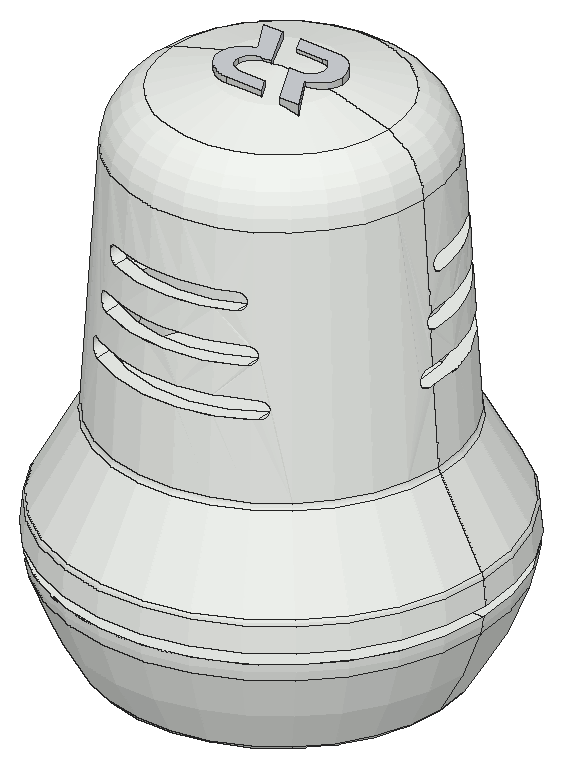
Revit family "TR-70", category Арматура трубопроводов, Revit 2019
Family settings
  Размер круглого соединителя = Использовать диаметр
  Тип детали = Нормальный
  На основе рабочей плоскости = Нет
  Всегда вертикально = Да
  При загрузке вырезать с полостями = Нет
  Общий = Да
Parameters (values of type "TR 70")
  Контакты_Производитель = "info@ridan.ru"  # constant formula
  URL = "https://ridan.ru/"
  ADSK_Наименование = "Термоэлемент со встроенным датчи\u0002ком, с креплением RA для установки на клапаны Danfoss RTR-N/G, RA-N/G"  # constant formula
  ADSK_Материал = Белый
  ADSK_Масса_Текст = ""
  ADSK_Масса = 0
  ADSK_Марка = "TR 70"  # constant formula
  ADSK_Количество = 1  # constant formula
  ADSK_Код изделия = "013G7070R"  # constant formula
  ADSK_Завод-изготовитель = "ООО «Ридан-Трейд»"  # constant formula
  ADSK_Единица измерения = "шт."
  ADSK_Диаметр условный = 15 mm
  ADSK_Версия семейства = "1.0"  # constant formula
  ADSK_Версия Revit = "2019"  # constant formula
Reference planes
  plane 1 "По центру (Вперед/Назад)": y = 0
  plane 2: z = 0
  plane 3 "По центру (Влево/Вправо)": x = 0
Forms (mm)
  Revolve 1, solid, material "Белый" <- "ADSK_Материал"
    sketch origin (0, 0, 0) x (1, 0, 0) y (0, 0, 1)
      loop
        line (-20.976, 82.021) -> (-23.076, 47.681)
        arc (-23.076, 47.681) -> (-23.159, 47.221) -> (-23.346, 46.793) r 2
        arc (-23.346, 46.793) -> (-26.455, 41.374) -> (-29.475, 35.905) r 383
        arc (-29.475, 35.905) -> (-29.632, 35.528) -> (-29.709, 35.126) r 2
        line (-29.709, 35.126) -> (-30, 31.8) -> (-22.029, 31.8) -> (-22.029, 30.2) -> (-29.749, 30.2)
        arc (-29.749, 30.2) -> (-29.588, 28.995) -> (-29.283, 27.817) r 10
        arc (-29.283, 27.817) -> (-26.785, 21.637) -> (-23.454, 15.862) r 48
        arc (-23.454, 15.862) -> (-22.915, 15.376) -> (-22.21, 15.2) r 1.5
        line (-22.21, 15.2) -> (-13.1, 15.2) -> (-13.1, 11) -> (0, 11) -> (0, 47.559) -> (-21.08, 47.559) -> (-18.98, 81.899)
        arc (-18.98, 81.899) -> (-17.797, 85.257) -> (-15.022, 87.489) r 6.5
        arc (-15.022, 87.489) -> (-7.632, 89.541) -> (0, 90.298) r 44.672
        line (0, 90.298) -> (0, 92.298)
        arc (0, 92.298) -> (-8.007, 91.505) -> (-15.759, 89.349) r 46.672
        arc (-15.759, 89.349) -> (-19.416, 86.432) -> (-20.976, 82.021) r 8.5
      axis (0, 92.298) -> (0, 11)
    angle from 0 to 360
  Extrusion 2, void
    sketch origin (0, 0, 0) x (1, 0, 0) y (0, 0, 1)
      loop
        arc (-11.727, 58.175) -> (0, 58.01) -> (11.727, 58.175) r 418.218
        arc (11.727, 58.175) -> (13, 59.404) -> (11.77, 60.678) r 1.252
        arc (11.77, 60.678) -> (0, 60.78) -> (-11.77, 60.678) r 674.427
        arc (-11.77, 60.678) -> (-13, 59.404) -> (-11.727, 58.175) r 1.252
      loop
        arc (-10.103, 65.002) -> (0.135, 64.872) -> (10.373, 65.002) r 403.27
        arc (10.373, 65.002) -> (11.616, 66.245) -> (10.373, 67.488) r 1.243
        arc (10.373, 67.488) -> (0.135, 67.611) -> (-10.103, 67.488) r 425.147
        arc (-10.103, 67.488) -> (-11.346, 66.245) -> (-10.103, 65.002) r 1.243
      loop
        arc (-8.514, 71.825) -> (0.264, 71.676) -> (9.042, 71.825) r 258.686
        arc (9.042, 71.825) -> (10.24, 73.023) -> (9.042, 74.22) r 1.197
        arc (9.042, 74.22) -> (0.264, 74.337) -> (-8.514, 74.22) r 328.511
        arc (-8.514, 74.22) -> (-9.711, 73.023) -> (-8.514, 71.825) r 1.197
    from 15.843 to 22.623
  Extrusion 3, void
    sketch origin (0, 0, 0) x (-0.5, -0.866025, 0) y (0, 0, 1)
      loop
        arc (-11.727, 58.175) -> (0, 58.01) -> (11.727, 58.175) r 418.218
        arc (11.727, 58.175) -> (13, 59.404) -> (11.77, 60.678) r 1.252
        arc (11.77, 60.678) -> (0, 60.78) -> (-11.77, 60.678) r 674.427
        arc (-11.77, 60.678) -> (-13, 59.404) -> (-11.727, 58.175) r 1.252
      loop
        arc (-10.103, 65.002) -> (0.135, 64.872) -> (10.373, 65.002) r 403.27
        arc (10.373, 65.002) -> (11.616, 66.245) -> (10.373, 67.488) r 1.243
        arc (10.373, 67.488) -> (0.135, 67.611) -> (-10.103, 67.488) r 425.147
        arc (-10.103, 67.488) -> (-11.346, 66.245) -> (-10.103, 65.002) r 1.243
      loop
        arc (-8.514, 71.825) -> (0.264, 71.676) -> (9.042, 71.825) r 258.686
        arc (9.042, 71.825) -> (10.24, 73.023) -> (9.042, 74.22) r 1.197
        arc (9.042, 74.22) -> (0.264, 74.337) -> (-8.514, 74.22) r 328.511
        arc (-8.514, 74.22) -> (-9.711, 73.023) -> (-8.514, 71.825) r 1.197
    from 15.843 to 22.623
  Extrusion 4, void
    sketch origin (5.357, 2.864, 0) x (-0.5, 0.866025, 0) y (0, 0, 1)
      loop
        arc (-11.727, 58.175) -> (0, 58.01) -> (11.727, 58.175) r 418.218
        arc (11.727, 58.175) -> (13, 59.404) -> (11.77, 60.678) r 1.252
        arc (11.77, 60.678) -> (0, 60.78) -> (-11.77, 60.678) r 674.427
        arc (-11.77, 60.678) -> (-13, 59.404) -> (-11.727, 58.175) r 1.252
      loop
        arc (-10.103, 65.002) -> (0.135, 64.872) -> (10.373, 65.002) r 403.27
        arc (10.373, 65.002) -> (11.616, 66.245) -> (10.373, 67.488) r 1.243
        arc (10.373, 67.488) -> (0.135, 67.611) -> (-10.103, 67.488) r 425.147
        arc (-10.103, 67.488) -> (-11.346, 66.245) -> (-10.103, 65.002) r 1.243
      loop
        arc (-8.514, 71.825) -> (0.264, 71.676) -> (9.042, 71.825) r 258.686
        arc (9.042, 71.825) -> (10.24, 73.023) -> (9.042, 74.22) r 1.197
        arc (9.042, 74.22) -> (0.264, 74.337) -> (-8.514, 74.22) r 328.511
        arc (-8.514, 74.22) -> (-9.711, 73.023) -> (-8.514, 71.825) r 1.197
    from 6.785 to 17.283
  Extrusion 5, solid, material "Латунь никелированная", not visible
    sketch origin (0, 0, 0) x (1, 0, 0) y (0, 1, 0)
      loop
        line (-6.62, 15.983) -> (-15.983, 6.62) -> (-15.983, -6.62) -> (-6.62, -15.983) -> (6.62, -15.983) -> (15.983, -6.62) -> (15.983, 6.62) -> (6.62, 15.983) -> (-6.62, 15.983)
    from 0 to 11
  Extrusion 6, solid
    sketch origin (0, 0, 0) x (1, 0, 0) y (0, 1, 0)
      loop
        line (-2.049, 6.086) -> (-0.939, 4.072) -> (2.759, 4.072)
        arc (2.759, 4.072) -> (4.171, 3.404) -> (4.754, 1.955) r 2.142
        arc (4.754, 1.955) -> (4.128, 0.579) -> (2.742, -0.023) r 2.106
        line (2.742, -0.023) -> (1.283, -0.023) -> (4.622, -6.14) -> (7.419, -6.14) -> (4.533, -1.402)
        arc (4.533, -1.402) -> (6.543, -0.206) -> (7.379, 1.978) r 3.564
        arc (7.379, 1.978) -> (6.037, 4.856) -> (3.11, 6.086) r 4.408
        line (3.11, 6.086) -> (-2.049, 6.086)
      loop
        line (-4.653, 6.086) -> (-7.451, 6.086) -> (-4.569, 1.358)
        arc (-4.569, 1.358) -> (-6.548, 0.131) -> (-7.411, -2.032) r 3.723
        arc (-7.411, -2.032) -> (-6.087, -4.929) -> (-3.142, -6.14) r 4.336
        line (-3.142, -6.14) -> (2.017, -6.14) -> (0.916, -4.125) -> (-2.791, -4.125)
        arc (-2.791, -4.125) -> (-4.206, -3.461) -> (-4.786, -2.009) r 2.129
        arc (-4.786, -2.009) -> (-4.16, -0.633) -> (-2.774, -0.03) r 2.107
        line (-2.774, -0.03) -> (-1.315, -0.03) -> (-4.653, 6.086)
    from 89.349 to 92.405
  Extrusion 7, void
    sketch origin (0, 0, 0) x (1, 0, 0) y (0, 1, 0)
      loop
        circle (0, 0) r 14.014
    from 0 to 9.566
Cuts and joins
  Extrusion 2, Extrusion 3, Extrusion 4, Extrusion 7 cuts Revolve 1
  Extrusion 7 cuts Extrusion 5
  Extrusion 7 cuts Extrusion 6
Dimensions and locks
  aligned and locked: level to plane 2
  aligned and locked: Extrusion 7 to level
